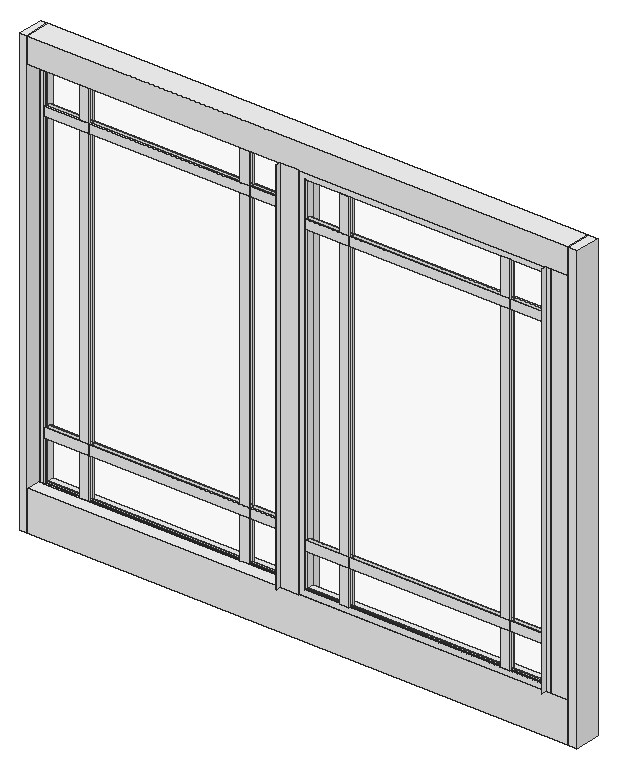
Revit family "Horizontal_Roller-PGT-Aluminum-HR710-XOd", category Windows, host Wall, Revit 2015
Parameters (values of type "Refer to Type Catalog")
  Width Calc = Width / 2 - 4.059"  # 25.941"
  URL = "http://www.pgtindustries.com/"
  Type Comments = "XO/OX"  # constant formula
  Rough Width = Width  # 60"
  Rough Height = Height  # 48"
  Product Style Guide = "http://www.pgtindustries.com/pro-zone/architect/download?destination=node/97061"
  Product Page URL = "http://www.pgtindustries.com/product-overview/horizontal-roller-hr710-winguardr-aluminum-horizontal-roller-impact-resistant"
  Model = "HR710"  # constant formula
  Minimum Size = "34 3/16” x 14 5/8” OR 19 3/4” x 21 3/8”"  # constant formula
  Maximum Size = "74” x 63”"  # constant formula
  Manufacturer = "PGT Industries"  # constant formula
  Height Calc Left = Height - 7.058"  # 40.942"
  Height Calc Right = Height - 8.308"  # 39.692"
  Height = 48"
  Grid Type = Face_Based_Mullion_ 401 : BP
  Grid Layout Note = "To edit the grid layout ensure the 'Grid' parameter is turned on and then select an option from the 'Grid Type' drop down.  Please refer to the 'Product Style Guide' for standard configurations and restrictions."  # constant formula
  Grid = yes
  Finish = Metal - PGT - Paint - White
  Description = "Aluminum Horizontal Roller"  # constant formula
  Default Sill Height = 36"
  Wall Closure = By host
  Width = 60"
  Custom Design Note = "The types included show default grid/size configurations.  Please reference the 'Product Style Guide' to see all standard configurations and restrictions before creating custom designs.  Please contact PGT Industries with any questions regarding custom designs."  # constant formula
  Color Glass = Glass - PGT - Clear
  BP Calc Left = Width Calc / 6 + 5/8"  # 4.9485"
  BP Calc = Width Calc / 6  # 4.3235"
  Assembly Code = "B2020110"
  Analytic Construction = "<None>"
Reference planes (in)
  plane 1 "Center (Front/Back)": y = 0
  plane 2: z = 0
  plane 3 "Center (Left/Right)": x = 0
  plane 4 "Left": x = -30
  plane 5 "Right": x = 30
  plane 6 "Sill": z = 36
  plane 7 "Top": z = 84
  plane 8: x = 27.161
  plane 9: x = -28.637
  plane 10: x = -0.03
  plane 11: x = -2.696
  plane 12: z = 82.001
  plane 13: z = 81.25
  plane 14: z = 40.308
  plane 15: z = 39.652
  plane 16 "Exterior Face of Wall": y = 3
  plane 17 "Exteior Face of Window": y = 3.062
  plane 18 "Interior Face of Window": y = 0.352
  plane 19: y = 0.414
  plane 20: x = 28.963
  plane 21: x = -29.262
  plane 22: x = 13.5655
  plane 23: x = -15.6665
  plane 24: z = 60.779
  plane 25 "Exterior Face of Glass Right": y = 0.88999
  plane 26 "Exterior Face of Glass Left": y = 2.353
  plane 27: y = -0.148
Forms (in)
  Sweep 1, solid, material "Metal - PGT - Paint - White" <- "Finish"
    path origin (0, 3, 0) x (-1, 0, 0) y (0, 0, 1)
      loop
        line (2.696, 81.25) -> (2.696, 40.308) -> (28.637, 40.308) -> (28.637, 81.25) -> (2.696, 81.25)
    profile "Profile-Sash : Profile-Sash" origin (-15.6665, 3, 81.25) x (0, 0, 1) y (0, 1, 0)
      loop
        line (0, 0) -> (0, -0.647) -> (0.503, -0.647) -> (0.503, -1.048) -> (0, -1.048) -> (0, -1.12299) -> (0.625, -1.12299) -> (0.625, 0) -> (0, 0)
  Sweep 2, solid, material "Metal - PGT - Paint - White" <- "Finish"
    path origin (-86.82032, 0.414, 48) x (-1, 0, 0) y (0, 0, 1)
      loop
        line (-86.79032, 33.25) -> (-113.98132, 33.25) -> (-113.98132, -7.692) -> (-86.79032, -7.692) -> (-86.79032, 33.25)
    profile "Profile-Sash_Inside : Profile-Sash_Inside" origin (13.5655, 0.414, 81.25) x (0, 0, -1) y (0, 1, 0)
      loop
        line (0.625, 1.12299) -> (0, 1.12299) -> (0, 0) -> (0.625, 0) -> (0.625, 0.07499) -> (0.122, 0.07499) -> (0.122, 0.47599) -> (0.625, 0.47599) -> (0.625, 1.12299)
  Extrusion 3, solid, material "Glass - PGT - Clear" <- "Color Glass"
    sketch origin (-0.03, 9, -12) x (0, 0, -1) y (0, 1, 0)
      loop
        line (-92.625, -8.51101) -> (-52.933, -8.51101) -> (-52.933, -8.38601) -> (-92.625, -8.38601) -> (-92.625, -8.51101)
      loop
        line (-52.933, -8.11001) -> (-92.625, -8.11001) -> (-92.625, -8.23501) -> (-52.933, -8.23501) -> (-52.933, -8.11001)
    from 0.625 to 26.566
  Extrusion 4, solid, material "Metal - PGT - Paint - White" <- "Finish"
    sketch origin (0, 0, 36) x (0, -1, 0) y (1, 0, 0)
      loop
        line (-3.062, 30) -> (-3.062, 28.963) -> (-0.352, 28.963) -> (-0.352, 30) -> (-3.062, 30)
      loop
        line (-3.062, -30) -> (-0.352, -30) -> (-0.352, -29.262) -> (-3.062, -29.262) -> (-3.062, -30)
    from 0 to 48
  Extrusion 5, solid, material "Glass - PGT - Clear" <- "Color Glass"
    sketch origin (-28.637, 9, 156) x (0, 0, 1) y (0, 1, 0)
      loop
        line (-74.75, -7.048) -> (-74.75, -6.923) -> (-115.692, -6.923) -> (-115.692, -7.048) -> (-74.75, -7.048)
      loop
        line (-74.75, -6.647) -> (-115.692, -6.647) -> (-115.692, -6.772) -> (-74.75, -6.772) -> (-74.75, -6.647)
    from 0 to -25.941
  Extrusion 6, solid, material "Metal - PGT - Paint - White" <- "Finish"
    sketch origin (0, 0, 0) x (0, 1, 0) y (0, 0, 1)
      loop
        line (3.062, 84) -> (0.352, 84) -> (0.352, 81.25) -> (1.87701, 81.25) -> (1.87701, 81.875) -> (3.062, 81.875) -> (3.062, 84)
    from -29.262 to 28.963
  Extrusion 7, solid, material "Metal - PGT - Paint - White" <- "Finish"
    sketch origin (0, 0, 0) x (0, 1, 0) y (0, 0, 1)
      loop
        line (0.352, 36) -> (3.062, 36) -> (3.062, 39.683) -> (1.87701, 39.683) -> (1.87701, 40.308) -> (0.352, 40.308) -> (0.352, 36)
    from -29.262 to 28.963
  Extrusion 8, solid, material "Metal - PGT - Paint - White" <- "Finish"
    sketch origin (0, 0, 36) x (0, -1, 0) y (1, 0, 0)
      loop
        line (-3.062, -0.03) -> (-3.062, -2.071) -> (-1.87701, -2.071) -> (-1.87701, -0.03) -> (-3.062, -0.03)
    from 3.683 to 45.875
  Extrusion 9, solid, material "Metal - PGT - Paint - White" <- "Finish"
    sketch origin (0, 0, 36) x (0, -1, 0) y (1, 0, 0)
      loop
        line (-1.87701, -2.071) -> (0.148, -2.071) -> (0.148, -2.011) -> (-0.352, -2.011) -> (-0.352, -0.03) -> (-1.87701, -0.03) -> (-1.87701, -2.071)
      loop
        line (-1.87701, 28.963) -> (-1.87701, 27.50102)
        arc (-1.87701, 27.50102) -> (-1.77742, 27.26059) -> (-1.53699, 27.161) r 0.34002
        line (-1.53699, 27.161) -> (-0.414, 27.161) -> (-0.414, 26.536) -> (0.148, 26.536) -> (0.148, 26.596) -> (-0.352, 26.596) -> (-0.352, 28.963) -> (-1.87701, 28.963)
    from 4.308 to 45.25
Lines and regions (in)
  Opening 1
    outline origin (-60, -3, 0) x (1, 0, 0) y (0, 0, 1)
      loop
        line (30, 84) -> (30, 36) -> (90, 36) -> (90, 84) -> (30, 84)
  Masking region 1
    outline origin (0, 0, 36) x (0, -1, 0) y (1, 0, 0)
      loop
        line (-3.062, -30) -> (-0.352, -30) -> (-0.352, 30) -> (-3.062, 30) -> (-3.062, -30)
  Split face 1
    outline origin (0, 1.812, 40.308) x (0, -1, 0) y (1, 0, 0)
      loop
        line (0.27501, 28.963) -> (0.27501, -0.03) -> (-0.06501, -0.03)
  Split face 2
    outline origin (-29.262, 3.062, 36) x (0, -1, 0) y (0, 0, -1)
      loop
        line (0.062, 0) -> (0.062, -48)
  Split face 3
    outline origin (-0.03, 0.352, 36) x (0, 1, 0) y (0, 0, 1)
      loop
        line (1.18499, 4.308) -> (1.18499, 45.25)
  Split face 4
    outline origin (0, 1.87701, 81.25) x (-1, 0, 0) y (0, -1, 0)
      loop
        line (-28.963, 0.34002) -> (0.03, 0.34002) -> (0.03, 0)
Text (in)
  text "EXTERIOR" at (-58.6888, 50.90694, 0), in view "Ref. Level"
  text "INTERIOR" at (-58.6888, -37.76638, 0), in view "Ref. Level"
  text "Exterior" at (0, 43.65631, 123.19604), in view "Left"
  text "Exterior" at (0, 18.29385, 125.04747), in view "Right"
Dimensions and locks (in)
  equal spacing: plane 4 "Left", plane 3 "Center (Left/Right)", plane 5 "Right"
  "Width": plane 4 "Left" to plane 5 "Right"
  "Height": plane 6 "Sill" to plane 7 "Top"
  "Default Sill Height": plane 2 to plane 6 "Sill"
  locked: plane 4 "Left" to plane 9 at 1.363
  locked: plane 8 to plane 5 "Right" at 2.839
  locked: plane 13 to plane 7 "Top" at 2.75
  locked: plane 13 to plane 12 at 0.751
  locked: plane 6 "Sill" to plane 14 at 4.308
  plane 15 to plane 14 = 0.656"
  locked: plane 17 "Exteior Face of Window" to plane 16 "Exterior Face of Wall" at 0.062
  locked: plane 17 "Exteior Face of Window" to plane 18 "Interior Face of Window" at 2.71
  locked: plane 19 to plane 18 "Interior Face of Window" at 0.062
  plane 3 "Center (Left/Right)" to plane 10 = 0.03"
  locked: plane 10 to plane 11 at 2.666
  locked: plane 20 to plane 5 "Right" at 1.037
  locked: plane 4 "Left" to plane 21 at 0.738
  equal spacing: plane 14, plane 24, plane 13
  equal spacing: plane 10, plane 22, plane 8
  equal spacing: plane 11, plane 23, plane 9
  locked: plane 17 "Exteior Face of Window" to plane 26 "Exterior Face of Glass Left" at 0.709
  locked: plane 17 "Exteior Face of Window" to plane 25 "Exterior Face of Glass Right" at 2.17201
  locked: plane 18 "Interior Face of Window" to plane 27 at 0.5
  aligned and locked: plane 7 "Top" to Opening 1 sketch curve
  aligned and locked: plane 6 "Sill" to Opening 1 sketch curve  (x2)
  aligned and locked: plane 5 "Right" to Opening 1 sketch curve
  aligned and locked: plane 4 "Left" to Opening 1 sketch curve
  aligned and locked: level to plane 2
  aligned and locked: plane 16 "Exterior Face of Wall" to host wall
  aligned and locked: plane 13 to Sweep 1 sketch curve
  aligned and locked: Sweep 1 sketch curve to plane 11
  aligned and locked: Sweep 1 sketch curve to plane 14
  aligned and locked: Sweep 1 sketch curve to plane 9
  aligned and locked: Sweep 2 sketch curve to plane 13
  aligned and locked: Sweep 2 sketch curve to plane 10
  aligned and locked: plane 14 to Sweep 2 sketch curve
  aligned and locked: Sweep 2 sketch curve to plane 8
  aligned and locked: Sweep 2 to Extrusion 3 sketch curve  (x4)
  aligned and locked: Extrusion 4 sketch curve to plane 17 "Exteior Face of Window"
  aligned and locked: plane 5 "Right" to Extrusion 4 sketch curve
  aligned and locked: plane 18 "Interior Face of Window" to Extrusion 4 sketch curve
  aligned and locked: Extrusion 4 sketch curve to plane 20
  aligned and locked: plane 17 "Exteior Face of Window" to Extrusion 4 sketch curve
  aligned and locked: plane 4 "Left" to Extrusion 4 sketch curve
  aligned and locked: Extrusion 4 sketch curve to plane 18 "Interior Face of Window"
  aligned and locked: Extrusion 4 sketch curve to Sweep 1
  aligned and locked: Extrusion 5 sketch curve to Sweep 1  (x2)
  aligned and locked: plane 14 to Extrusion 5 sketch curve
  aligned and locked: Sweep 1 to Extrusion 5 sketch curve  (x2)
  aligned and locked: Extrusion 5 sketch curve to plane 14
  aligned and locked: plane 11 to Extrusion 5
  aligned and locked: Extrusion 4 to plane 7 "Top"
  aligned and locked: Extrusion 3 to Sweep 2  (x3)
  aligned and locked: Extrusion 6 sketch curve to Sweep 1  (x2)
  aligned and locked: plane 7 "Top" to Extrusion 6 sketch curve
  aligned and locked: Extrusion 6 sketch curve to plane 17 "Exteior Face of Window"
  aligned and locked: plane 18 "Interior Face of Window" to Extrusion 6 sketch curve
  aligned and locked: Extrusion 6 sketch curve to plane 13
  aligned and locked: Sweep 1 to Extrusion 6
  aligned and locked: Extrusion 6 to plane 20
  aligned and locked: plane 6 "Sill" to Extrusion 7 sketch curve
  aligned and locked: plane 17 "Exteior Face of Window" to Extrusion 7 sketch curve
  aligned and locked: plane 14 to Extrusion 7 sketch curve
  aligned and locked: Extrusion 7 sketch curve to plane 18 "Interior Face of Window"
  aligned and locked: plane 21 to Extrusion 7
  aligned and locked: Extrusion 7 to plane 20
  aligned and locked: Extrusion 7 sketch curve to Sweep 1  (x2)
  aligned and locked: Extrusion 8 sketch curve to Extrusion 7
  aligned and locked: Extrusion 8 sketch curve to Sweep 1
  aligned and locked: plane 10 to Extrusion 8 sketch curve
  aligned and locked: plane 17 "Exteior Face of Window" to Extrusion 8 sketch curve
  aligned and locked: Extrusion 8 to Extrusion 6
  aligned and locked: Extrusion 8 to Extrusion 7
  aligned and locked: plane 8 to Extrusion 9
  aligned and locked: Extrusion 9 to plane 20
  aligned and locked: Extrusion 9 to plane 13
  aligned and locked: plane 14 to Extrusion 9
  aligned and locked: Masking region 1 sketch curve to Extrusion 4  (x4)
  aligned and locked: plane 22 to nested 1
  aligned and locked: nested 1 to plane 24
  aligned and locked: plane 24 to nested 2
  aligned and locked: plane 23 to nested 2
  aligned and locked: plane 17 "Exteior Face of Window" to nested 3
  aligned and locked: Extrusion 9 to plane 27  (x2)
  aligned and locked: plane 20 to Split face 1 sketch curve
  aligned and locked: plane 10 to Split face 1 sketch curve
  aligned and locked: plane 7 "Top" to Split face 2 sketch curve
  aligned and locked: plane 6 "Sill" to Split face 2 sketch curve
  aligned and locked: plane 14 to Split face 3 sketch curve
  aligned and locked: plane 13 to Split face 3 sketch curve
  aligned and locked: plane 10 to Split face 4 sketch curve
  aligned and locked: plane 20 to Split face 4 sketch curve
Automatic sketch dimensions
  Extrusion 3 sketch curve to Extrusion 3 sketch curve = 1/8"
  Extrusion 3 sketch curve to Extrusion 3 sketch curve = 0.151"
  Extrusion 5 sketch curve to Extrusion 5 sketch curve = 1/8"  (x2)
  plane 13 to Extrusion 3 sketch curve = 5/8"
  Extrusion 3 sketch curve to plane 14 = 5/8"
  Extrusion 9 sketch curve to plane 20 = 0"
  Extrusion 9 sketch curve to plane 8 = 0"
  Extrusion 9 sketch curve to plane 10 = 0"
  Extrusion 9 sketch curve to plane 19 = 0"
  Extrusion 9 sketch curve to plane 18 "Interior Face of Window" = 0"  (x2)
  Extrusion 9 sketch curve to plane 8 = 0.34002"
  Extrusion 9 sketch curve to host wall = 1.12299"  (x2)
  plane 11 to Extrusion 9 sketch curve = 0.685"
  plane 11 to Extrusion 9 sketch curve = 5/8"
  plane 8 to Extrusion 9 sketch curve = 5/8"
  Extrusion 9 sketch curve to Extrusion 9 sketch curve = 0.06"
  host wall to Extrusion 9 sketch curve = 0.148"  (x2)
  Split face 1 sketch curve to Extrusion 7 = 0"
  Split face 1 sketch curve to Split face 1 sketch curve = 0.34002"
  Split face 2 sketch curve to Extrusion 4 = 0.062"
  Split face 3 sketch curve to Extrusion 9 = 0.34002"
  Split face 4 sketch curve to Extrusion 6 = 0"
  Split face 4 sketch curve to Extrusion 6 = 0.34002"
Nested families (in)
  nested 1: "Face_Based_Mullion_ 401" at (13.5655, 0.88999, 60.779) x (-1, 0, 0) z (0, 1, 0), BP Offset <- "BP Calc", Height <- "Height Calc Right", Width <- "Width Calc", visible <- "Grid", type <- "Grid Type", type "BP"
    with Width 25.941", Height 39.692", BP Offset 4.3235", Glass Thickness 103/256"
  nested 2: "Face_Based_Mullion_ 401" at (-15.6665, 2.353, 60.779) x (1, 0, 0) z (0, 1, 0), BP Offset <- "BP Calc Left", Height <- "Height Calc Left", Width <- "Width Calc", type <- "Grid Type", visible <- "Grid", type "BP"
    with Width 25.941", Height 40.942", BP Offset 4.9485", Glass Thickness 103/256"
  nested 3: "HR710" at (0, 3.062, 36) x (1, 0, 0) z (0, 0, -1), type "Plan2d"
Definition of nested family "Face_Based_Mullion_ 401"
  Parameters (values of type "1C2R")
    Width [instance] = 60"
    Mullion Interior = none
    Mullion = none
    Height [instance] = 60"
    Glass Thickness = 87/256"
    Default Elevation = 48"
    BP Offset [instance] = 4.57143"
    BPT = no
    BPR = no
    BPL = no
    BPB = no
    7R = no
    6R = no
    5R = no
    4R = no
    4C = no
    3R = no
    3C = no
    2R = yes
    2C = no
  Types (10): name | BPT | BPR | BPL | BPB | 4R | 3R | 3C | 2R | 2C
    2C2R | no | no | no | no | no | no | no | yes | yes
    2C3R | no | no | no | no | no | yes | no | no | yes
    2C4R | no | no | no | no | yes | no | no | no | yes
    3C3R | no | no | no | no | no | yes | yes | no | no
    3C2R | no | no | no | no | no | no | yes | yes | no
    BP | yes | yes | yes | yes | no | no | no | no | no
    BPRL | yes | no | yes | yes | no | no | no | no | no
    1C4R | no | no | no | no | yes | no | no | no | no
    1C3R | no | no | no | no | no | yes | no | no | no
    1C2R | no | no | no | no | no | no | no | yes | no
  Reference planes (in)
    plane 1 "Center (Front/Back)": y = 0
    plane 2: z = 0
    plane 3 "Center (Left/Right)": x = 0
    plane 4: x = -30
    plane 5: x = 30
    plane 6: y = 30
    plane 7: y = -30
    plane 8: y = 10
    plane 9: y = -10
    plane 10: y = 20
    plane 11: y = -20
    plane 12: x = -10
    plane 13: x = 10
    plane 14: y = 15
    plane 15: y = -15
    plane 16: y = 18
    plane 17: y = 6
    plane 18: y = -6
    plane 19: y = -18
    plane 20: y = -21.42857
    plane 21: y = -12.85714
    plane 22: y = -4.28571
    plane 23: y = 21.42857
    plane 24: y = 12.85714
    plane 25: y = 4.28571
    plane 26: x = -20
    plane 27: x = 20
    plane 28: y = 25.42857
    plane 29: y = -25.42857
    plane 30: x = -15
    plane 31: x = 15
  Forms (in)
    Extrusion 1, solid
      sketch origin (0, 0, 0) x (1, 0, 0) y (0, 1, 0)
        loop
          line (-48, 48) -> (-48, -48) -> (48, -48) -> (48, 48) -> (-48, 48)
      from 0 to -12
  Lines and regions (in)
    model lines, visible <- "5R"
      curve 1: line (-30, -18, 0) -> (30, -18, 0)
      curve 2: line (30, -6, 0) -> (-30, -6, 0)
      curve 3: line (30, 6, 0) -> (-30, 6, 0)
      curve 4: line (30, 18, 0) -> (-30, 18, 0)
    model lines, visible <- "2C"
      curve 5: line (0, 30, 0) -> (0, -30, 0)
    model lines, visible <- "3C"
      curve 6: line (-10, 30, 0) -> (-10, -30, 0)
      curve 7: line (10, 30, 0) -> (10, -30, 0)
    model lines, visible <- "6R"
      curve 8: line (-30, 20, 0) -> (30, 20, 0)
      curve 9: line (-30, 10, 0) -> (30, 10, 0)
      curve 10: line (-30, 0, 0) -> (30, 0, 0)
      curve 11: line (-30, -10, 0) -> (30, -10, 0)
      curve 12: line (-30, -20, 0) -> (30, -20, 0)
    model lines, visible <- "4R"
      curve 13: line (30, 15, 0) -> (-30, 15, 0)
      curve 14: line (30, 0, 0) -> (-30, 0, 0)
      curve 15: line (30, -15, 0) -> (-30, -15, 0)
    model lines, visible <- "7R"
      curve 16: line (-30, 21.42857, 0) -> (30, 21.42857, 0)
      curve 17: line (30, 12.85714, 0) -> (-30, 12.85714, 0)
      curve 18: line (30, 4.28571, 0) -> (-30, 4.28571, 0)
      curve 19: line (30, -4.28571, 0) -> (-30, -4.28571, 0)
      curve 20: line (30, -12.85714, 0) -> (-30, -12.85714, 0)
      curve 21: line (30, -21.42857, 0) -> (-30, -21.42857, 0)
    model lines, visible <- "BPL"
      curve 22: line (-20, 30, 0) -> (-20, -30, 0)
    model lines, visible <- "BPR"
      curve 23: line (20, 30, 0) -> (20, -30, 0)
    model lines, visible <- "2R"
      curve 24: line (-30, 0, 0) -> (30, 0, 0)
    model lines, visible <- "3R"
      curve 25: line (-30, 10, 0) -> (30, 10, 0)
      curve 26: line (-30, -10, 0) -> (30, -10, 0)
    model lines, visible <- "BPB"
      curve 27: line (-30, -25.42857, 0) -> (30, -25.42857, 0)
    model lines, visible <- "BPT"
      curve 28: line (-30, 25.42857, 0) -> (30, 25.42857, 0)
    model lines, visible <- "4C", detail levels coarse
      curve 29: line (-15, 30, 0) -> (-15, -30, 0)
      curve 30: line (15, 30, 0) -> (15, -30, 0)
    model lines, detail levels coarse
      curve 31: line (0, 30, 0) -> (0, -30, 0)
  Dimensions and locks (in)
    equal spacing: plane 6, plane 10, plane 8, plane 1 "Center (Front/Back)", plane 9, plane 11, plane 7
    equal spacing: plane 6, plane 14, plane 1 "Center (Front/Back)"
    equal spacing: plane 7, plane 15, plane 1 "Center (Front/Back)"
    equal spacing: plane 6, plane 16, plane 17, plane 18, plane 19, plane 7
    "Width": plane 4 to plane 5
    "Height": plane 6 to plane 7
    equal spacing: plane 6, plane 23, plane 24, plane 25, plane 22, plane 21, plane 20, plane 7
    equal spacing: plane 4, plane 26, plane 12, plane 3 "Center (Left/Right)", plane 13, plane 27, plane 5
    "BP Offset": plane 7 to plane 29
    "BP Offset": plane 6 to plane 28
    equal spacing: plane 4, plane 30, plane 3 "Center (Left/Right)"
    equal spacing: plane 3 "Center (Left/Right)", plane 31, plane 5
    aligned and locked: plane 2 to Extrusion 1
    aligned and locked: level to Extrusion 1
    aligned and locked: plane 4 to curve 1
    aligned and locked: curve 1 to plane 19
    aligned and locked: plane 18 to curve 2
    aligned and locked: plane 5 to curve 3
    aligned and locked: plane 17 to curve 3
    aligned and locked: plane 5 to curve 4
    aligned and locked: plane 16 to curve 4
    aligned and locked: plane 6 to curve 5
    aligned and locked: curve 5 to plane 3 "Center (Left/Right)"
    aligned and locked: plane 13 to curve 7
    aligned and locked: plane 4 to curve 8
    aligned and locked: curve 8 to plane 10
    aligned and locked: plane 4 to curve 9
    aligned and locked: curve 9 to plane 8
    aligned and locked: plane 4 to curve 10
    aligned and locked: plane 1 "Center (Front/Back)" to curve 10
    aligned and locked: plane 4 to curve 11
    aligned and locked: curve 11 to plane 9
    aligned and locked: plane 4 to curve 12
    aligned and locked: curve 12 to plane 11
    aligned and locked: plane 5 to curve 13
    aligned and locked: curve 13 to plane 14
    aligned and locked: plane 5 to curve 14
    aligned and locked: curve 14 to plane 1 "Center (Front/Back)"
    aligned and locked: plane 5 to curve 15
    aligned and locked: plane 15 to curve 15
    aligned and locked: plane 4 to curve 16
    aligned and locked: curve 16 to plane 23
    aligned and locked: plane 5 to curve 17
    aligned and locked: plane 24 to curve 17
    aligned and locked: plane 5 to curve 18
    aligned and locked: plane 25 to curve 18
    aligned and locked: plane 5 to curve 19
    aligned and locked: plane 22 to curve 19
    aligned and locked: plane 5 to curve 20
    aligned and locked: plane 21 to curve 20
    aligned and locked: plane 5 to curve 21
    aligned and locked: plane 20 to curve 21
    aligned and locked: plane 6 to curve 22
    aligned and locked: curve 22 to plane 26
    aligned and locked: plane 6 to curve 23
    aligned and locked: curve 23 to plane 27
    aligned and locked: plane 4 to curve 24
    aligned and locked: plane 1 "Center (Front/Back)" to curve 24
    aligned and locked: plane 4 to curve 25
    aligned and locked: curve 25 to plane 8
    aligned and locked: plane 4 to curve 26
    aligned and locked: curve 26 to plane 9
    aligned and locked: plane 4 to curve 27
    aligned and locked: plane 29 to curve 27
    aligned and locked: plane 4 to curve 28
    aligned and locked: plane 5 to curve 28
    aligned and locked: curve 28 to plane 28
    aligned and locked: nested 2 to plane 1 "Center (Front/Back)"
    aligned and locked: plane 3 "Center (Left/Right)" to nested 1
    aligned and locked: plane 8 to nested 4
    aligned and locked: plane 9 to nested 3
    aligned and locked: plane 3 "Center (Left/Right)" to nested 3
    aligned and locked: plane 3 "Center (Left/Right)" to nested 4
    aligned and locked: plane 12 to nested 5
    aligned and locked: nested 6 to plane 13
    aligned and locked: plane 1 "Center (Front/Back)" to nested 5
    aligned and locked: plane 1 "Center (Front/Back)" to nested 6
    aligned and locked: nested 7 to plane 14
    aligned and locked: plane 3 "Center (Left/Right)" to nested 7
    aligned and locked: nested 8 to plane 1 "Center (Front/Back)"
    aligned and locked: plane 3 "Center (Left/Right)" to nested 8
    aligned and locked: plane 15 to nested 9
    aligned and locked: plane 3 "Center (Left/Right)" to nested 9
    aligned and locked: plane 19 to nested 13
    aligned and locked: plane 3 "Center (Left/Right)" to nested 13
    aligned and locked: plane 18 to nested 12
    aligned and locked: plane 3 "Center (Left/Right)" to nested 12
    aligned and locked: plane 17 to nested 11
    aligned and locked: plane 3 "Center (Left/Right)" to nested 11
    aligned and locked: plane 16 to nested 10
    aligned and locked: plane 3 "Center (Left/Right)" to nested 10
    aligned and locked: plane 10 to nested 18
    aligned and locked: plane 3 "Center (Left/Right)" to nested 18
    aligned and locked: plane 8 to nested 17
    aligned and locked: plane 3 "Center (Left/Right)" to nested 17
    aligned and locked: nested 16 to plane 1 "Center (Front/Back)"
    aligned and locked: plane 3 "Center (Left/Right)" to nested 16
    aligned and locked: plane 9 to nested 15
    aligned and locked: plane 3 "Center (Left/Right)" to nested 15
    aligned and locked: plane 11 to nested 14
    aligned and locked: plane 3 "Center (Left/Right)" to nested 14
    aligned and locked: plane 23 to nested 23
    aligned and locked: plane 3 "Center (Left/Right)" to nested 23
    aligned and locked: plane 24 to nested 22
    aligned and locked: plane 3 "Center (Left/Right)" to nested 22
    aligned and locked: plane 25 to nested 21
    aligned and locked: plane 3 "Center (Left/Right)" to nested 21
    aligned and locked: plane 21 to nested 20
    aligned and locked: plane 3 "Center (Left/Right)" to nested 20
    aligned and locked: plane 20 to nested 19
    aligned and locked: plane 3 "Center (Left/Right)" to nested 19
    aligned and locked: plane 22 to nested 24
    aligned and locked: plane 3 "Center (Left/Right)" to nested 24
    aligned and locked: plane 28 to nested 27
    aligned and locked: plane 3 "Center (Left/Right)" to nested 27
    aligned and locked: plane 27 to nested 26
    aligned and locked: plane 26 to nested 25
    aligned and locked: plane 1 "Center (Front/Back)" to nested 26
    aligned and locked: plane 1 "Center (Front/Back)" to nested 25
    aligned and locked: nested 28 to plane 29
    aligned and locked: plane 3 "Center (Left/Right)" to nested 28
    aligned and locked: curve 29 to plane 30
    aligned and locked: plane 6 to curve 29
    aligned and locked: plane 7 to curve 29
    aligned and locked: plane 6 to curve 30
    aligned and locked: curve 30 to plane 31
    aligned and locked: plane 30 to nested 30
    aligned and locked: plane 31 to nested 29
    aligned and locked: plane 1 "Center (Front/Back)" to nested 30
    aligned and locked: plane 1 "Center (Front/Back)" to nested 29
    aligned and locked: plane 6 to curve 31
    aligned and locked: curve 31 to plane 3 "Center (Left/Right)"
    aligned and locked: plane 3 "Center (Left/Right)" to nested 31
    aligned and locked: plane 1 "Center (Front/Back)" to nested 31
    aligned and locked: plane 6 to nested 31
    aligned and locked: plane 7 to nested 31
  Automatic sketch dimensions
    Extrusion 1 sketch curve to Extrusion 1 sketch curve = 96"  (x2)
    curve 15 to plane 4 = 0"
    curve 2 to plane 4 = 0"
    curve 18 to plane 4 = 0"
    curve 3 to plane 4 = 0"
    curve 4 to plane 4 = 0"
    curve 14 to plane 4 = 0"
    curve 19 to plane 4 = 0"
    curve 13 to plane 4 = 0"
    curve 20 to plane 4 = 0"
    curve 21 to plane 4 = 0"
    curve 17 to plane 4 = 0"
    curve 6 to plane 7 = 0"
    curve 6 to plane 12 = 0"
    curve 12 to plane 5 = 0"
    curve 11 to plane 5 = 0"
    curve 10 to plane 5 = 0"
    curve 24 to plane 5 = 0"
    curve 8 to plane 5 = 0"
    curve 25 to plane 5 = 0"
    curve 26 to plane 5 = 0"
    curve 27 to plane 5 = 0"
    curve 2 to plane 5 = 0"
    curve 9 to plane 5 = 0"
    curve 1 to plane 5 = 0"
    curve 16 to plane 5 = 0"
    curve 31 to plane 7 = 0"
    curve 7 to plane 7 = 0"
    curve 30 to plane 7 = 0"
    curve 5 to plane 7 = 0"
    curve 22 to plane 7 = 0"
    curve 23 to plane 7 = 0"
    curve 6 to plane 6 = 0"
    curve 7 to plane 6 = 0"
  Nested families (in)
    nested 1: "Mullion 1 Inch Spacing" at (0, 0, 0), visible <- "2C", Length <- "Height", type "Mullion", detail levels medium+fine
      with Length 60"
    nested 2: "Mullion 1 Inch Spacing" at (0, 0, 0) x (0, 1, 0) z (0, 0, 1), visible <- "2R", Length <- "Width", type "Mullion", detail levels medium+fine
      with Length 60"
    nested 3: "Mullion 1 Inch Spacing" at (0, -10, 0) x (0, 1, 0) z (0, 0, 1), visible <- "3R", Length <- "Width", type "Mullion", detail levels medium+fine
      with Length 60"
    nested 4: "Mullion 1 Inch Spacing" at (0, 10, 0) x (0, 1, 0) z (0, 0, 1), visible <- "3R", Length <- "Width", type "Mullion", detail levels medium+fine
      with Length 60"
    nested 5: "Mullion 1 Inch Spacing" at (-10, 0, 0), visible <- "3C", Length <- "Height", type "Mullion", detail levels medium+fine
      with Length 60"
    nested 6: "Mullion 1 Inch Spacing" at (10, 0, 0), visible <- "3C", Length <- "Height", type "Mullion", detail levels medium+fine
      with Length 60"
    nested 7: "Mullion 1 Inch Spacing" at (0, 15, 0) x (0, 1, 0) z (0, 0, 1), visible <- "4R", Length <- "Width", type "Mullion", detail levels medium+fine
      with Length 60"
    nested 8: "Mullion 1 Inch Spacing" at (0, 0, 0) x (0, 1, 0) z (0, 0, 1), visible <- "4R", Length <- "Width", type "Mullion", detail levels medium+fine
      with Length 60"
    nested 9: "Mullion 1 Inch Spacing" at (0, -15, 0) x (0, 1, 0) z (0, 0, 1), visible <- "4R", Length <- "Width", type "Mullion", detail levels medium+fine
      with Length 60"
    nested 10: "Mullion 1 Inch Spacing" at (0, 18, 0) x (0, 1, 0) z (0, 0, 1), Length <- "Width", visible <- "5R", type "Mullion", detail levels medium+fine
      with Length 60"
    nested 11: "Mullion 1 Inch Spacing" at (0, 6, 0) x (0, 1, 0) z (0, 0, 1), Length <- "Width", visible <- "5R", type "Mullion", detail levels medium+fine
      with Length 60"
    nested 12: "Mullion 1 Inch Spacing" at (0, -6, 0) x (0, 1, 0) z (0, 0, 1), Length <- "Width", visible <- "5R", type "Mullion", detail levels medium+fine
      with Length 60"
    nested 13: "Mullion 1 Inch Spacing" at (0, -18, 0) x (0, 1, 0) z (0, 0, 1), Length <- "Width", visible <- "5R", type "Mullion", detail levels medium+fine
      with Length 60"
    nested 14: "Mullion 1 Inch Spacing" at (0, -20, 0) x (0, 1, 0) z (0, 0, 1), visible <- "6R", Length <- "Width", type "Mullion", detail levels medium+fine
      with Length 60"
    nested 15: "Mullion 1 Inch Spacing" at (0, -10, 0) x (0, 1, 0) z (0, 0, 1), visible <- "6R", Length <- "Width", type "Mullion", detail levels medium+fine
      with Length 60"
    nested 16: "Mullion 1 Inch Spacing" at (0, 0, 0) x (0, 1, 0) z (0, 0, 1), visible <- "6R", Length <- "Width", type "Mullion", detail levels medium+fine
      with Length 60"
    nested 17: "Mullion 1 Inch Spacing" at (0, 10, 0) x (0, 1, 0) z (0, 0, 1), visible <- "6R", Length <- "Width", type "Mullion", detail levels medium+fine
      with Length 60"
    nested 18: "Mullion 1 Inch Spacing" at (0, 20, 0) x (0, 1, 0) z (0, 0, 1), visible <- "6R", Length <- "Width", type "Mullion", detail levels medium+fine
      with Length 60"
    nested 19: "Mullion 1 Inch Spacing" at (0, -21.42857, 0) x (0, 1, 0) z (0, 0, 1), visible <- "7R", Length <- "Width", type "Mullion", detail levels medium+fine
      with Length 60"
    nested 20: "Mullion 1 Inch Spacing" at (0, -12.85714, 0) x (0, 1, 0) z (0, 0, 1), visible <- "7R", Length <- "Width", type "Mullion", detail levels medium+fine
      with Length 60"
    nested 21: "Mullion 1 Inch Spacing" at (0, 4.28571, 0) x (0, 1, 0) z (0, 0, 1), visible <- "7R", Length <- "Width", type "Mullion", detail levels medium+fine
      with Length 60"
    nested 22: "Mullion 1 Inch Spacing" at (0, 12.85714, 0) x (0, 1, 0) z (0, 0, 1), visible <- "7R", Length <- "Width", type "Mullion", detail levels medium+fine
      with Length 60"
    nested 23: "Mullion 1 Inch Spacing" at (0, 21.42857, 0) x (0, 1, 0) z (0, 0, 1), visible <- "7R", Length <- "Width", type "Mullion", detail levels medium+fine
      with Length 60"
    nested 24: "Mullion 1 Inch Spacing" at (0, -4.28571, 0) x (0, 1, 0) z (0, 0, 1), visible <- "7R", Length <- "Width", type "Mullion", detail levels medium+fine
      with Length 60"
    nested 25: "Mullion 1 Inch Spacing" at (-20, 0, 0), Length <- "Height", visible <- "BPL", type "Mullion", detail levels medium+fine
      with Length 60"
    nested 26: "Mullion 1 Inch Spacing" at (20, 0, 0), Length <- "Height", visible <- "BPR", type "Mullion", detail levels medium+fine
      with Length 60"
    nested 27: "Mullion 1 Inch Spacing" at (0, 25.42857, 0) x (0, 1, 0) z (0, 0, 1), visible <- "BPT", Length <- "Width", type "Mullion", detail levels medium+fine
      with Length 60"
    nested 28: "Mullion 1 Inch Spacing" at (0, -25.42857, 0) x (0, 1, 0) z (0, 0, 1), Length <- "Width", visible <- "BPB", type "Mullion", detail levels medium+fine
      with Length 60"
    nested 29: "Mullion 1 Inch Spacing" at (15, 0, 0), visible <- "4C", Length <- "Height", type "Mullion", detail levels medium+fine
      with Length 60"
    nested 30: "Mullion 1 Inch Spacing" at (-15, 0, 0), visible <- "4C", Length <- "Height", type "Mullion", detail levels medium+fine
      with Length 60"
    nested 31: "Mullion 1 Inch Spacing" at (0, 0, 0), visible <- "4C", Length <- "Height", type "Mullion"
      with Length 60"
  Definition of nested family "Mullion 1 Inch Spacing"
    Parameters (values of type "Mullion")
      Mullion Interior = none
      Mullion = none
      Length [instance] = 60"
      Glass Thickness = 87/256"
      Default Elevation = 48"
    Reference planes (in)
      plane 1 "Center (Front/Back)": y = 0
      plane 2: z = 0
      plane 3 "Center (Left/Right)": x = 0
      plane 4: y = 30
      plane 5: y = -30
      plane 6: z = -0.33984
    Forms (in)
      Extrusion 1, solid
        sketch origin (0, 0, 0) x (1, 0, 0) y (0, 1, 0)
          loop
            line (-48, 48) -> (-48, -48) -> (48, -48) -> (48, 48) -> (-48, 48)
        from 0 to -12
      Sweep 2, solid, material <- "Mullion"
        path origin (0, 0, 0) x (1, 0, 0) y (0, 1, 0)
          loop
            line (0, -30) -> (0, 30)
        profile origin (0, 0, 0) x (-1, 0, 0) y (0, 0, 1)
          loop
            line (-0.5, 0) -> (0.5, 0) -> (0.5, 0.1) -> (-0.5, 0.1) -> (-0.5, 0)
          loop
            line (-0.5, -0.43984) -> (0.5, -0.43984) -> (0.5, -0.33984) -> (-0.5, -0.33984) -> (-0.5, -0.43984)
    Dimensions and locks (in)
      equal spacing: plane 4, plane 1 "Center (Front/Back)", plane 5
      "Length": plane 4 to plane 5
      locked: plane 6 to Sweep 2 sketch curve at 0.1
      "Glass Thickness": Extrusion 1 to plane 6
      aligned and locked: plane 2 to Extrusion 1
      aligned and locked: level to Extrusion 1
      aligned and locked: plane 3 "Center (Left/Right)" to Sweep 2 sketch curve
      aligned and locked: plane 5 to Sweep 2 sketch curve
      aligned and locked: plane 6 to Sweep 2 sketch curve
    Automatic sketch dimensions
      Extrusion 1 sketch curve to Extrusion 1 sketch curve = 96"  (x2)
      Sweep 2 sketch curve to plane 4 = 0"
      Sweep 2 sketch curve to level = 0"
      profile plane to Sweep 2 sketch curve = 1/2"
      Sweep 2 sketch curve to Sweep 2 sketch curve = 0"  (x2)
      Sweep 2 sketch curve to profile plane = 1/2"
      level to Sweep 2 sketch curve = 0.1"
Definition of nested family "HR710"
  Parameters (values of type "Plan2d")
    Width = 60"
  Reference planes (in)
    plane 1 "Center (Front/Back)": y = 0
    plane 2: z = 0
    plane 3 "Center (Left/Right)": x = 0
    plane 4: x = 30
    plane 5: x = -30
    plane 6: x = 0.625
    plane 7: x = -2.666
    plane 8: x = -28.637
    plane 9: x = 26.536
  Lines and regions (in)
    detail lines, in view "Ref. Level"
      curve 1: line (-30, 0, 36) -> (-28.637, 0, 36)
      curve 3: line (-28.637, -1.18499, 36) -> (-29.262, -1.18499, 36)
      curve 4: line (-29.262, -1.18499, 36) -> (-29.262, -2.71, 36)
      curve 5: line (-29.262, -2.71, 36) -> (-30, -2.71, 36)
      curve 6: line (-30, -2.71, 36) -> (-30, 0, 36)
      curve 8: line (-2.666, -1.18499, 36) -> (-2.041, -1.18499, 36)
      curve 9: line (-2.041, -1.18499, 36) -> (-2.041, -2.71, 36)
      curve 10: line (-2.041, -2.71, 36) -> (0.625, -2.71, 36)
      curve 12: line (0.625, -1.52501, 36) -> (0, -1.52501, 36)
      curve 13: line (0, -1.52501, 36) -> (0, 0, 36)
      curve 14: line (0, 0, 36) -> (-2.666, 0, 36)
      curve 15: line (30, 0, 36) -> (30, -2.71, 36)
      curve 16: line (30, -2.71, 36) -> (26.536, -2.71, 36)
      curve 18: line (26.536, -1.52501, 36) -> (27.161, -1.52501, 36)
      curve 19: arc (27.50102, -1.18499, 36) -> (27.26059, -1.28458, 36) -> (27.161, -1.52501, 36) r 0.34002
      curve 20: line (27.50102, -1.18499, 36) -> (28.963, -1.18499, 36)
      curve 21: line (28.963, -1.18499, 36) -> (28.963, 0, 36)
      curve 22: line (28.963, 0, 36) -> (30, 0, 36)
      curve 24: line (-28.637, -1.18499, 36) -> (-2.666, -1.18499, 36)
      curve 25: line (0.625, -1.52501, 36) -> (26.536, -1.52501, 36)
      curve 26: line (27.161, -1.52501, 36) -> (27.161, -2.71, 36)
      curve 27: line (0, -1.52501, 36) -> (-2.041, -1.52501, 36)
    detail lines, in view "Ref. Level", detail levels coarse
      curve 2: line (-28.637, 0, 36) -> (-28.637, -1.18499, 36)
      curve 7: line (-2.666, 0, 36) -> (-2.666, -1.18499, 36)
      curve 11: line (0.625, -2.71, 36) -> (0.625, -1.52501, 36)
      curve 17: line (26.536, -2.71, 36) -> (26.536, -1.52501, 36)
      curve 23: line (-28.637, -0.9095, 36) -> (-2.666, -0.9095, 36)
      curve 49: line (0.625, -2.37251, 0) -> (26.536, -2.37251, 0)
    detail lines, in view "Ref. Level", detail levels medium+fine
      curve 28: line (-28.637, 0, 36) -> (-28.637, -0.709, 36)
      curve 29: line (-2.163, -0.709, 36) -> (-29.14, -0.709, 36)
      curve 30: line (-29.14, -0.709, 36) -> (-29.14, -1.11, 36)
      curve 31: line (-29.14, -1.11, 36) -> (-2.163, -1.11, 36)
      curve 32: line (-2.163, -1.11, 36) -> (-2.163, -0.709, 36)
      curve 33: line (-2.666, 0, 36) -> (-2.666, -0.709, 36)
      curve 34: line (-2.666, -1.11, 36) -> (-2.666, -1.18499, 36)
      curve 35: line (-28.637, -1.11, 36) -> (-28.637, -1.18499, 36)
      curve 36: line (26.536, -1.52501, 36) -> (26.536, -2.17201, 36)
      curve 37: line (26.536, -2.57301, 36) -> (26.536, -2.71, 36)
      curve 38: line (27.039, -2.17201, 36) -> (27.039, -2.57301, 36)
      curve 39: line (27.039, -2.57301, 36) -> (0.122, -2.57301, 36)
      curve 40: line (0.122, -2.57301, 36) -> (0.122, -2.17201, 36)
      curve 41: line (0.122, -2.17201, 36) -> (27.039, -2.17201, 36)
      curve 42: line (0.625, -1.52501, 36) -> (0.625, -2.17201, 36)
      curve 43: line (0.625, -2.57301, 36) -> (0.625, -2.71, 36)
    detail lines, in view "Ref. Level", detail levels fine
      curve 44: line (-28.637, -1.11, 36) -> (-8.696, -1.11, 36)
      curve 45: line (-29.14, -0.834, 36) -> (-2.163, -0.834, 36)
      curve 46: line (27.039, -2.44801, 36) -> (0.122, -2.44801, 36)
      curve 47: line (0.122, -2.29701, 36) -> (27.039, -2.29701, 36)
      curve 48: line (-2.163, -0.985, 36) -> (-29.14, -0.985, 36)
  Dimensions and locks (in)
    equal spacing: plane 5, plane 3 "Center (Left/Right)", plane 4
    "Width": plane 5 to plane 4
    locked: plane 9 to plane 4 at 3.464
    locked: plane 7 to plane 6 at 3.291
    locked: plane 5 to plane 8 at 1.363
    aligned and locked: curve 31 to curve 35
    aligned and locked: plane 9 to curve 36
    aligned and locked: plane 9 to curve 37
    aligned and locked: curve 15 to plane 4
    aligned and locked: plane 1 "Center (Front/Back)" to curve 22
    aligned and locked: curve 14 to plane 1 "Center (Front/Back)"
    aligned and locked: plane 7 to curve 33
    aligned and locked: plane 6 to curve 42
    aligned and locked: plane 8 to curve 28
    aligned and locked: plane 5 to curve 6
    aligned and locked: plane 9 to curve 49
    aligned and locked: curve 11 to curve 49
    aligned and locked: plane 7 to curve 23
    aligned and locked: plane 8 to curve 23
  Automatic sketch dimensions
    curve 1 to plane 1 "Center (Front/Back)" = 0"
    curve 1 to curve 1 = 1.363"
    curve 2 to plane 1 "Center (Front/Back)" = 0"
    plane 1 "Center (Front/Back)" to curve 2 = 1.18499"
    plane 1 "Center (Front/Back)" to curve 3 = 1.18499"
    curve 3 to curve 3 = 5/8"
    plane 1 "Center (Front/Back)" to curve 4 = 2.71"
    plane 1 "Center (Front/Back)" to curve 4 = 1.18499"
    plane 1 "Center (Front/Back)" to curve 5 = 2.71"
    curve 5 to curve 5 = 0.738"
    plane 1 "Center (Front/Back)" to curve 6 = 2.71"
    curve 6 to plane 1 "Center (Front/Back)" = 0"
    curve 7 to plane 1 "Center (Front/Back)" = 0"
    curve 7 to plane 3 "Center (Left/Right)" = 2.666"
    curve 7 to curve 7 = 1.18499"
    plane 1 "Center (Front/Back)" to curve 8 = 1.18499"
    curve 8 to plane 3 "Center (Left/Right)" = 2.666"
    curve 8 to curve 8 = 5/8"
    plane 1 "Center (Front/Back)" to curve 9 = 2.71"
    curve 9 to plane 3 "Center (Left/Right)" = 2.041"
    curve 9 to curve 9 = 1.52501"
    plane 1 "Center (Front/Back)" to curve 10 = 2.71"
    curve 10 to plane 3 "Center (Left/Right)" = 2.041"
    plane 3 "Center (Left/Right)" to curve 10 = 5/8"
    plane 1 "Center (Front/Back)" to curve 11 = 2.71"
    plane 3 "Center (Left/Right)" to curve 11 = 5/8"
    curve 11 to curve 11 = 1.18499"
    plane 3 "Center (Left/Right)" to curve 12 = 0"
    plane 1 "Center (Front/Back)" to curve 12 = 1.52501"
    curve 12 to curve 12 = 5/8"
    plane 3 "Center (Left/Right)" to curve 13 = 0"
    curve 13 to plane 1 "Center (Front/Back)" = 0"
    plane 1 "Center (Front/Back)" to curve 13 = 1.52501"
    curve 14 to plane 3 "Center (Left/Right)" = 2.666"
    plane 3 "Center (Left/Right)" to curve 14 = 0"
    plane 1 "Center (Front/Back)" to curve 15 = 2.71"
    curve 15 to curve 15 = 2.71"
    plane 1 "Center (Front/Back)" to curve 16 = 2.71"
    curve 16 to curve 16 = 3.464"
    plane 1 "Center (Front/Back)" to curve 17 = 2.71"
    plane 1 "Center (Front/Back)" to curve 17 = 1.52501"
    plane 1 "Center (Front/Back)" to curve 18 = 1.52501"
    curve 18 to curve 18 = 5/8"
    plane 1 "Center (Front/Back)" to curve 19 = 1.52501"
    curve 19 to curve 19 = 0.34002"
    plane 1 "Center (Front/Back)" to curve 20 = 1.18499"
    curve 20 to curve 20 = 1.46198"
    curve 21 to plane 1 "Center (Front/Back)" = 0"
    curve 21 to curve 21 = 1.18499"
    curve 22 to curve 22 = 1.037"
    plane 1 "Center (Front/Back)" to curve 23 = 0.9095"
    plane 1 "Center (Front/Back)" to curve 24 = 1.18499"
    curve 24 to plane 3 "Center (Left/Right)" = 2.666"
    plane 1 "Center (Front/Back)" to curve 25 = 1.52501"
    plane 3 "Center (Left/Right)" to curve 25 = 5/8"
    plane 1 "Center (Front/Back)" to curve 26 = 2.71"
    curve 26 to curve 26 = 1.18499"
    plane 1 "Center (Front/Back)" to curve 27 = 1.52501"
    curve 27 to plane 3 "Center (Left/Right)" = 2.041"
    plane 3 "Center (Left/Right)" to curve 27 = 0"
    curve 28 to plane 1 "Center (Front/Back)" = 0"
    plane 1 "Center (Front/Back)" to curve 28 = 0.709"
    plane 1 "Center (Front/Back)" to curve 29 = 0.709"
    curve 29 to plane 3 "Center (Left/Right)" = 2.163"
    plane 1 "Center (Front/Back)" to curve 30 = 0.709"
    plane 1 "Center (Front/Back)" to curve 30 = 1.11"
    curve 31 to plane 3 "Center (Left/Right)" = 2.163"
    plane 1 "Center (Front/Back)" to curve 32 = 0.709"
    curve 32 to plane 3 "Center (Left/Right)" = 2.163"
    curve 32 to curve 32 = 0.401"
    curve 33 to plane 1 "Center (Front/Back)" = 0"
    curve 33 to curve 33 = 0.709"
    plane 1 "Center (Front/Back)" to curve 34 = 1.11"
    curve 34 to plane 3 "Center (Left/Right)" = 2.666"
    curve 34 to curve 34 = 0.07499"
    plane 1 "Center (Front/Back)" to curve 35 = 1.11"
    plane 1 "Center (Front/Back)" to curve 35 = 1.18499"
    plane 1 "Center (Front/Back)" to curve 36 = 1.52501"
    plane 1 "Center (Front/Back)" to curve 36 = 2.17201"
    plane 1 "Center (Front/Back)" to curve 37 = 2.71"
    curve 37 to curve 37 = 0.13699"
    plane 1 "Center (Front/Back)" to curve 38 = 2.17201"
    plane 1 "Center (Front/Back)" to curve 38 = 2.57301"
    plane 1 "Center (Front/Back)" to curve 39 = 2.57301"
    plane 3 "Center (Left/Right)" to curve 39 = 0.122"
    plane 3 "Center (Left/Right)" to curve 40 = 0.122"
    plane 1 "Center (Front/Back)" to curve 40 = 2.17201"
    plane 1 "Center (Front/Back)" to curve 40 = 2.57301"
    plane 1 "Center (Front/Back)" to curve 41 = 2.17201"
    plane 3 "Center (Left/Right)" to curve 41 = 0.122"
    plane 1 "Center (Front/Back)" to curve 42 = 1.52501"
    plane 1 "Center (Front/Back)" to curve 42 = 2.17201"
    plane 1 "Center (Front/Back)" to curve 43 = 2.71"
    plane 3 "Center (Left/Right)" to curve 43 = 5/8"
    curve 43 to curve 43 = 0.13699"
    plane 1 "Center (Front/Back)" to curve 44 = 1.11"
    curve 44 to plane 3 "Center (Left/Right)" = 8.696"
    plane 1 "Center (Front/Back)" to curve 45 = 0.834"
    curve 45 to plane 3 "Center (Left/Right)" = 2.163"
    plane 1 "Center (Front/Back)" to curve 46 = 2.44801"
    plane 3 "Center (Left/Right)" to curve 46 = 0.122"
    plane 1 "Center (Front/Back)" to curve 47 = 2.29701"
    plane 3 "Center (Left/Right)" to curve 47 = 0.122"
    plane 1 "Center (Front/Back)" to curve 48 = 0.985"
    curve 48 to plane 3 "Center (Left/Right)" = 2.163"
    curve 1 to plane 5 = 0"
    plane 5 to curve 2 = 1.363"
    plane 5 to curve 3 = 0.738"
    plane 5 to curve 4 = 0.738"
    curve 5 to plane 5 = 0"
    plane 5 to curve 24 = 1.363"
    plane 5 to curve 29 = 0.86"
    plane 5 to curve 30 = 0.86"
    plane 5 to curve 31 = 0.86"
    plane 5 to curve 35 = 1.363"
    plane 5 to curve 44 = 1.363"
    plane 5 to curve 45 = 0.86"
    plane 5 to curve 48 = 0.86"
    curve 16 to plane 4 = 0"
    curve 17 to plane 4 = 3.464"
    curve 18 to plane 4 = 3.464"
    curve 19 to plane 4 = 2.49898"
    curve 20 to plane 4 = 2.49898"
    curve 21 to plane 4 = 1.037"
    curve 22 to plane 4 = 0"
    curve 25 to plane 4 = 3.464"
    curve 26 to plane 4 = 2.839"
    curve 38 to plane 4 = 2.961"
    curve 39 to plane 4 = 2.961"
    curve 41 to plane 4 = 2.961"
    curve 46 to plane 4 = 2.961"
    curve 47 to plane 4 = 2.961"
    plane 1 "Center (Front/Back)" to curve 49 = 2.37251"
